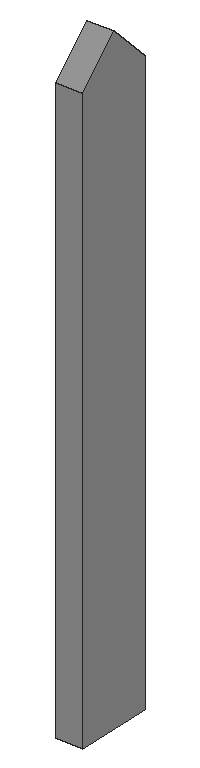
Revit family "Family1-Fence", category Balusters, Revit 2021
Family settings
  OmniClass Number = 23.30.80.11.11.14
  OmniClass Title = Posts, Newel Posts, Pickets
  Always vertical = Yes
  Cut with Voids When Loaded = No
  Shared = No
Parameters
  built-in parameter 1008623 [instance] = 32.47°
  built-in parameter 1008625 [instance] = (empty or 0)
  Post = no
  built-in parameter 1008624 [instance] = 32.47°
  built-in parameter 1008622 [instance] = 750 mm
Reference planes
  plane 1 "Center (Front/Back)": y = 0
  plane 2: z = 0
  plane 3 "Center (Left/Right)": x = 0
  plane 4 "Top": z = 750
  plane 5 "Top Cut Angle": through (0, 339.699, 533.838) normal (0, -0.5369, -0.8437)
  plane 6 "Bottom Cut Angle": through (0, 0, 0) normal (0, -0.5369, -0.8437)
Forms (mm)
  Extrusion 1, solid, material "Default New Material"
    sketch origin (0, 0, 0) x (0, 1, 0) y (0, 0, 1)
      loop
        line (50, 0) -> (50, 750) -> (0, 800) -> (-50, 750) -> (-50, 0) -> (50, 0)
    from 0 to 34.794
Text (mm)
  text "Baluster Elevation" at (0, 78.538, 1092.824), in view "Left"
Dimensions and locks
  "built-in parameter 1008622": plane 2 to plane 4 "Top"
  "built-in parameter 1008623": angle plane 4 "Top" to plane 5 "Top Cut Angle"
  "built-in parameter 1008624": angle level to plane 6 "Bottom Cut Angle"
  aligned and locked: plane 2 to level
Automatic sketch dimensions
  Extrusion 1 sketch curve to level = 0 mm
  plane 4 "Top" to Extrusion 1 sketch curve = 0 mm  (x2)
  plane 1 "Center (Front/Back)" to Extrusion 1 sketch curve = 50 mm
  Extrusion 1 sketch curve to plane 1 "Center (Front/Back)" = 0 mm
  Extrusion 1 sketch curve to plane 4 "Top" = 50 mm
